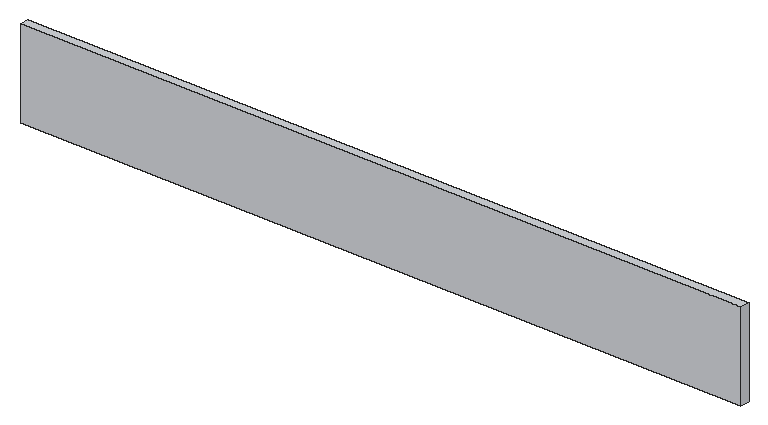
Revit family "StructuralFraming_RectangleProfile", category Structural Framing, Revit 2018
Family settings
  Structural Framing Length Roundoff = 1 mm
  Section Shape = Rectangle
  Material for Model Behavior = Steel
  Always export as geometry = No
  Always vertical = Yes
  Cut with Voids When Loaded = No
  Symbolic Representation = From Project Settings
  Shared = No
  Show family pre-cut in plan views = Yes
Parameters (values of type "RectangleProfile")
  Width = 15 mm
  Warping Constant = (empty or 0)
  Torsional Moment of Inertia = 0 cm⁴
  Torsional Modulus = 0 cm³
  Structural Material [instance] = none
  Shear Area weak axis = 0.0 cm²
  Shear Area strong axis = 0.0 cm²
  Section Area = 0.0 cm²
  Principal Axes Angle = 0.00°
  Plastic Modulus weak axis = 0 cm³
  Plastic Modulus strong axis = 0 cm³
  Perimeter = (empty or 0)
  Nominal Weight = 0 N/m
  Moment of Inertia weak axis = 0 cm⁴
  Moment of Inertia strong axis = 0 cm⁴
  Length [instance] = 1500 mm
  Keynote = "G10"
  Height = 150 mm
  Elastic Modulus weak axis = 0 cm³
  Elastic Modulus strong axis = 0 cm³
  Centroid Vertical = 0 mm
  Centroid Horizontal = 0 mm
Reference planes
  plane 1 "Center (Front/Back)": y = 0
  plane 2: z = 0
  plane 3 "Center (Left/Right)": x = 4.61
  plane 4 "Member Left": x = -604.99
  plane 5 "Member Right": x = 614.21
  plane 6: y = 7.5
  plane 7: y = -7.5
  plane 8 "Top": z = 75
  plane 9: z = -75
  plane 10 "Left": x = -757.39
  plane 11 "Right": x = 742.61
Forms (mm)
  Sweep 1, solid, material <- "Structural Material", detail levels medium+fine
    path origin (0, 0, 0) x (1, 0, 0) y (0, 1, 0)
      loop
        line (614.21, 0) -> (-604.99, 0)
    profile "RectangleProfile : RectangleProfile" origin (4.61, 0, 0) x (0, -1, 0) y (0, 0, 1)
      loop
        line (-7.5, -75) -> (7.5, -75) -> (7.5, 75) -> (-7.5, 75) -> (-7.5, -75)
Lines and regions (mm)
  symbolic lines, style "Stick Symbols", detail levels coarse
    curve 1: line (4.61, 7.5, 75) -> (4.61, -7.5, 75)
    curve 2: line (4.61, 7.5, -75) -> (4.61, 7.5, 75)
    curve 3: line (4.61, -7.5, -75) -> (4.61, 7.5, -75)
    curve 4: line (4.61, -7.5, 75) -> (4.61, -7.5, -75)
Dimensions and locks
  "Width": plane 6 to plane 7
  "Height": plane 9 to plane 8 "Top"
  equal spacing: plane 9, plane 2, plane 8 "Top"
  equal spacing: plane 6, plane 1 "Center (Front/Back)", plane 7
  "Length": plane 10 "Left" to plane 11 "Right"
  aligned and locked: Sweep 1 sketch curve to plane 1 "Center (Front/Back)"
  aligned and locked: curve 1 to Sweep 1
  aligned and locked: curve 2 to Sweep 1
  aligned and locked: curve 3 to Sweep 1
  aligned and locked: curve 4 to Sweep 1
  aligned and locked: plane 4 "Member Left" to Sweep 1 sketch curve
  aligned and locked: plane 5 "Member Right" to Sweep 1 sketch curve
